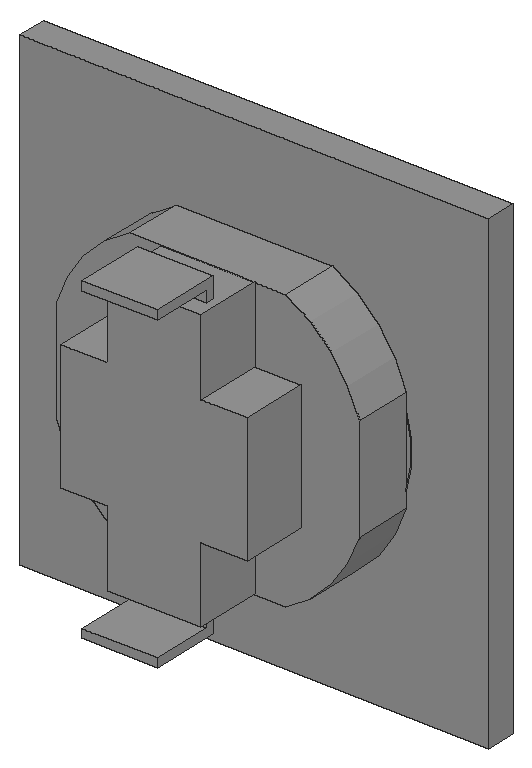
Revit family "IEK_РозеткаТелефонная_Встраиваемая_Двухместная IP20_КВАРТА", category Устройства связи, Revit 2019
Family settings
  Сохранять ориентацию аннотаций = Да
  Размер круглого соединителя = Использовать диаметр
  Тип детали = Нормальный
  На основе рабочей плоскости = Нет
  Всегда вертикально = Да
  При загрузке вырезать с полостями = Нет
  Общий = Нет
  Точка расчета площади = Нет
Parameters (values of type "РТ12-ККм")
  Ширина = 81.5 mm  # constant formula
  Тип монтажа = "Встраиваемый"  # constant formula
  Степень защиты = "IP20"  # constant formula
  Изготовитель = "IEK"  # constant formula
  Дата изменения = ""
  Глубина = 42.5 mm  # constant formula
  Высота = 80.5 mm  # constant formula
  ΔХ [instance] = 2000 mm
  ΔY [instance] = 2000 mm
  KSI_CPr_Строительные изделия = ""
  KSI_CMa_Строительные материалы = "01.7.14.03"  # constant formula
  IEK_Цена за единицу = 194.36
  IEK_Поиск в таблице имен = ""
  IEK_Описание = "Классический дизайн, проверенный временем и востребованный различными категориями потребителей, позволяет устанавливать изделия серии \"КВАРТА\" в квартирах, загородных домах, офисных и производственных помещениях."
  IEK_URL = "https://www.iek.ru/products/catalog/izdeliya_elektroustanovochnye_udliniteli_i_silovye_razemy/elektroustanovochnye_izdeliya/elektroustanovochnye_izdeliya_skrytogo_montazha/elektroustanovochnye_izdeliya_kvarta/elektroustanovochnye_izdeliya_kvarta_tsvet_kremovyy/rozetka_2_mestnaya_telefonnaya_rt12_kkm_kvarta_kremovyy_iek"
  ADSK_Примечание = ""
  ADSK_Позиция [instance] = ""
  ADSK_Наименование = "Розетка 2-местная телефонная РТ12-ККм КВАРТА кремовый IEK"
  ADSK_Материал обозначение = ""
  ADSK_Материал наименование = "Пластик"  # constant formula
  ADSK_Материал = Цвет кремовый
  ADSK_Масса = 0.086
  ADSK_Марка = "КВАРТА"  # constant formula
  ADSK_Код изделия = "ETK20-K33-DM"
  ADSK_Завод-изготовитель = "IEK"  # constant formula
  ADSK_Единица измерения = "шт"  # constant formula
  ADSK_Группирование = "III ЭЛЕКТРОУСТАНОВОЧНЫЕ И ЭЛЕКТРОМОНТАЖНЫЕ ИЗДЕЛИЯ"  # constant formula
  ADSK_Версия семейства = "1.0"  # constant formula
  ADSK_Версия Revit = "2019"  # constant formula
  ADSK_URL страницы изделия = "https://www.iek.ru/products/catalog/izdeliya_elektroustanovochnye_udliniteli_i_silovye_razemy/elektroustanovochnye_izdeliya/elektroustanovochnye_izdeliya_skrytogo_montazha/elektroustanovochnye_izdeliya_kvarta/?pagec=100"
Types (3, lengths in mm): name | IEK_Цена за единицу | IEK_URL | ADSK_Наименование | ADSK_Материал | ADSK_Масса | ADSK_Код изделия
  (no name) | 194.36 | "https://www.iek.ru/products/catalog/izdeliya_elektroustanovochnye_udliniteli_i_silovye_razemy/elektroustanovochnye_izdeliya/elektroustanovochnye_izdeliya_skrytogo_montazha/elektroustanovochnye_izdeliya_kvarta/elektroustanovochnye_izdeliya_kvarta_tsvet_kremovyy/rozetka_2_mestnaya_telefonnaya_rt12_kkm_kvarta_kremovyy_iek" | "Розетка 2-местная телефонная РТ12-ККм КВАРТА кремовый IEK" | Цвет кремовый | 0.086 | "ETK20-K33-DM"
  РТ12-КБ | 204.1 | "https://www.iek.ru/products/catalog/izdeliya_elektroustanovochnye_udliniteli_i_silovye_razemy/elektroustanovochnye_izdeliya/elektroustanovochnye_izdeliya_skrytogo_montazha/elektroustanovochnye_izdeliya_kvarta/elektroustanovochnye_izdeliya_kvarta_tsvet_belyy/rozetka_2_mestnaya_telefonnaya_rt12_kb_kvarta_belyy_iek" | "Розетка 2-местная телефонная РТ12-КБ КВАРТА белый IEK" | Цвет белый | 0.087 | "ETK20-K01-DM"
  РТ12-ККм | 194.36 | "https://www.iek.ru/products/catalog/izdeliya_elektroustanovochnye_udliniteli_i_silovye_razemy/elektroustanovochnye_izdeliya/elektroustanovochnye_izdeliya_skrytogo_montazha/elektroustanovochnye_izdeliya_kvarta/elektroustanovochnye_izdeliya_kvarta_tsvet_kremovyy/rozetka_2_mestnaya_telefonnaya_rt12_kkm_kvarta_kremovyy_iek" | "Розетка 2-местная телефонная РТ12-ККм КВАРТА кремовый IEK" | Цвет кремовый | 0.086 | "ETK20-K33-DM"
Reference planes
  plane 1 "По центру (Вперед/Назад)": y = 0
  plane 2: z = 0
  plane 3 "По центру (Влево/Вправо)": x = 0
  plane 4 "Высота ножек": z = 280
  plane 5 "Высота": z = 2081.496
  plane 6: x = -2000
  plane 7: y = 2000
Forms (mm)
  Extrusion 1, solid, detail levels coarse
    sketch origin (0, 0, 0) x (1, 0, 0) y (0, 1, 0)
      loop
        line (-40.75, 15) -> (-40.75, -29) -> (40.75, -29) -> (40.75, 15) -> (-40.75, 15)
    from 0 to 80.5
  Extrusion 2, solid, detail levels medium
    sketch origin (0, 5, 0) x (1, 0, 0) y (0, 1, 0)
      loop
        line (-40.75, 10) -> (-40.75, -34) -> (40.75, -34) -> (40.75, 10) -> (-40.75, 10)
    from 0 to 80.5
  Extrusion 3, solid, material "Цвет кремовый" <- "ADSK_Материал", detail levels fine
    sketch origin (0, 0, 40.75) x (0, 0, -1) y (-1, 0, 0)
      loop
        line (-24, 13.426) -> (-24, -13.426)
        arc (-24, -13.426) -> (-17.768, -21.254) -> (-8.958, -26) r 24.916
        line (-8.958, -26) -> (8.958, -26)
        arc (8.958, -26) -> (17.768, -21.254) -> (24, -13.426) r 24.916
        line (24, -13.426) -> (24, 13.426)
        arc (24, 13.426) -> (17.768, 21.254) -> (8.958, 26) r 24.916
        line (8.958, 26) -> (-8.958, 26)
        arc (-8.958, 26) -> (-17.768, 21.254) -> (-24, 13.426) r 24.916
    from 0 to -10
  Extrusion 4, solid, material "Цвет кремовый" <- "ADSK_Материал", detail levels fine
    sketch origin (0, 0, 40.75) x (0, 0, -1) y (-1, 0, 0)
      loop
        line (-40.75, 40.25) -> (-40.75, -40.25) -> (40.75, -40.25) -> (40.75, 40.25) -> (-40.75, 40.25)
    from 0 to 14.038
  Extrusion 5, void
    sketch origin (0, 0, 40.75) x (0, 0, -1) y (-1, 0, 0)
      loop
        line (18, -7) -> (18, 7)
        arc (18, 7) -> (0, 25) -> (-18, 7) r 18
        line (-18, 7) -> (-18, -7)
        arc (-18, -7) -> (0, -25) -> (18, -7) r 18
    from 8 to 18.875
  Extrusion 6, void
    sketch origin (-0.786, 0, 41.25) x (0, 0, 1) y (0, 1, 0)
      loop
        line (40.25, 5) -> (40.25, 18.875) -> (11.84, 18.875) -> (11.84, 14.038) -> (14.912, 14.038)
        spline (14.912, 14.038) -> (16.643, 13.743) -> (18.551, 13.423) -> (20.603, 13.06) -> (22.767, 12.637) -> (25.011, 12.136) -> (27.303, 11.54) -> (29.61, 10.832) -> (31.901, 9.995) -> (34.142, 9.01) -> (36.302, 7.861) -> (38.349, 6.53) -> (40.25, 5)
    from -55.184 to 53.611
  Extrusion 7, void
    sketch origin (14, 0, 40.75) x (0, 0, -1) y (-1, 0, 0)
      loop
        line (-6, 5.5) -> (-6, -1.5) -> (-3.5, -1.5) -> (-3.5, -3.5) -> (-2, -3.5) -> (-2, -5.5) -> (2, -5.5) -> (2, -3.5) -> (3.5, -3.5) -> (3.5, -1.5) -> (6, -1.5) -> (6, 5.5) -> (-6, 5.5)
    from 8 to -1
  Extrusion 8, void
    sketch origin (-0.786, 0, 40.25) x (0, 0, -1) y (0, -1, 0)
      loop
        spline (40.25, -5) -> (38.349, -6.53) -> (36.302, -7.861) -> (34.142, -9.01) -> (31.901, -9.995) -> (29.61, -10.832) -> (27.303, -11.54) -> (25.011, -12.136) -> (22.767, -12.637) -> (20.603, -13.06) -> (18.551, -13.423) -> (16.643, -13.743) -> (14.912, -14.038)
        line (14.912, -14.038) -> (11.84, -14.038) -> (11.84, -18.875) -> (40.25, -18.875) -> (40.25, -5)
    from -55.184 to 53.611
  Extrusion 9, void
    sketch origin (0, 0, 39.964) x (0, -1, 0) y (-1, 0, 0)
      loop
        spline (-5, -40.25) -> (-6.53, -38.349) -> (-7.861, -36.302) -> (-9.01, -34.142) -> (-9.995, -31.901) -> (-10.832, -29.61) -> (-11.54, -27.303) -> (-12.136, -25.011) -> (-12.637, -22.767) -> (-13.06, -20.603) -> (-13.423, -18.551) -> (-13.743, -16.643) -> (-14.038, -14.912)
        line (-14.038, -14.912) -> (-14.038, -11.84) -> (-18.875, -11.84) -> (-18.875, -40.25) -> (-5, -40.25)
    from -55.184 to 53.611
  Extrusion 10, void
    sketch origin (0, 0, 39.964) x (0, 1, 0) y (1, 0, 0)
      loop
        line (5, -40.25) -> (18.875, -40.25) -> (18.875, -11.84) -> (14.038, -11.84) -> (14.038, -14.912)
        spline (14.038, -14.912) -> (13.743, -16.643) -> (13.423, -18.551) -> (13.06, -20.603) -> (12.637, -22.767) -> (12.136, -25.011) -> (11.54, -27.303) -> (10.832, -29.61) -> (9.995, -31.901) -> (9.01, -34.142) -> (7.861, -36.302) -> (6.53, -38.349) -> (5, -40.25)
    from -55.184 to 53.611
  Extrusion 11, void
    sketch origin (-14, 0, 40.75) x (0, 0, -1) y (-1, 0, 0)
      loop
        line (-6, -5.5) -> (6, -5.5) -> (6, 1.5) -> (3.5, 1.5) -> (3.5, 3.5) -> (2, 3.5) -> (2, 5.5) -> (-2, 5.5) -> (-2, 3.5) -> (-3.5, 3.5) -> (-3.5, 1.5) -> (-6, 1.5) -> (-6, -5.5)
    from 8 to -1
  Sweep 12, solid, material "Цвет кремовый" <- "ADSK_Материал", detail levels fine
    path origin (0, 0, 40.75) x (0, 0, -1) y (-1, 0, 0)
      loop
        arc (-18, -7) -> (0, -25) -> (18, -7) r 18
        line (18, -7) -> (18, 7)
        arc (18, 7) -> (0, 25) -> (-18, 7) r 18
        line (-18, 7) -> (-18, -7)
    profile origin (25, 0, 40.75) x (0, 1, 0) y (-1, 0, 0)
      loop
        line (0, 0) -> (0, -1.947) -> (14.038, -1.947)
        arc (14.038, -1.947) -> (15.011, -0.973) -> (14.038, 0) r 0.973
        line (14.038, 0) -> (0, 0)
  Extrusion 13, solid, material "Цвет кремовый" <- "ADSK_Материал", detail levels fine
    sketch origin (0, 0, 40.75) x (0, 0, -1) y (0, 1, 0)
      loop
        line (-26, -29) -> (-26, -18.5) -> (-24, -18.5) -> (-24, -17) -> (-27.5, -17) -> (-27.5, -29) -> (-26, -29)
      loop
        line (26, -18.5) -> (26, -29) -> (27.5, -29) -> (27.5, -17) -> (24, -17) -> (24, -18.5) -> (26, -18.5)
    from -6.5 to 6.5
  Extrusion 14, solid, material "Цвет кремовый" <- "ADSK_Материал", detail levels fine
    sketch origin (0, 0, 40.75) x (0, 0, -1) y (-1, 0, 0)
      loop
        line (-11, 16) -> (-11, 8) -> (-24, 8) -> (-24, -8) -> (-11, -8) -> (-11, -16) -> (11, -16) -> (11, -8) -> (24, -8) -> (24, 8) -> (11, 8) -> (11, 16) -> (-11, 16)
    from -21.5 to -10
Cuts and joins
  Extrusion 5, Extrusion 6, Extrusion 7, Extrusion 8, Extrusion 9, Extrusion 10, Extrusion 11 cuts Extrusion 4
Lines and regions (mm)
  reference lines
    curve 1: line (0, 44.647, 0) -> (0, -31.353, 0)
    curve 2: line (-23.829, 0, 0) -> (76.171, 0, 0)
Dimensions and locks
  locked: plane 4 "Высота ножек" to plane 2 at 280
  plane 5 "Высота" to plane 4 "Высота ножек" = 1801.496 mm
  "ΔХ": plane 6 to curve 1
  "ΔY": plane 7 to curve 2
  aligned and locked: level to plane 2
  aligned and locked: nested 1 to curve 1
  aligned and locked: curve 2 to nested 1
Automatic sketch dimensions
  plane 1 "По центру (Вперед/Назад)" to Extrusion 1 sketch curve = 29 mm
  Extrusion 1 sketch curve to plane 3 "По центру (Влево/Вправо)" = 40.75 mm
  plane 3 "По центру (Влево/Вправо)" to Extrusion 1 sketch curve = 40.75 mm
  Extrusion 1 sketch curve to plane 1 "По центру (Вперед/Назад)" = 15 mm
  plane 1 "По центру (Вперед/Назад)" to Extrusion 2 sketch curve = 29 mm
  Extrusion 2 sketch curve to plane 3 "По центру (Влево/Вправо)" = 40.75 mm
  plane 3 "По центру (Влево/Вправо)" to Extrusion 2 sketch curve = 40.75 mm
  Extrusion 2 sketch curve to plane 1 "По центру (Вперед/Назад)" = 15 mm
  plane 3 "По центру (Влево/Вправо)" to Extrusion 3 sketch curve = 13.426 mm  (x2)
  level to Extrusion 3 sketch curve = 64.75 mm
  Extrusion 3 sketch curve to Extrusion 3 sketch curve = 15.042 mm  (x2)
  Extrusion 3 sketch curve to plane 3 "По центру (Влево/Вправо)" = 2.138 mm  (x2)
  Extrusion 3 sketch curve to Extrusion 3 sketch curve = 22.213 mm
  plane 3 "По центру (Влево/Вправо)" to Extrusion 3 sketch curve = 2.138 mm
  Extrusion 3 sketch curve to Extrusion 3 sketch curve = 0 mm
  Extrusion 3 sketch curve to Extrusion 3 sketch curve = 3.575 mm  (x2)
  Extrusion 3 sketch curve to Extrusion 3 sketch curve = 17.916 mm  (x2)
  Extrusion 3 sketch curve to plane 3 "По центру (Влево/Вправо)" = 13.426 mm
  level to Extrusion 3 sketch curve = 16.75 mm
  Extrusion 4 sketch curve to level = 0 mm
  Extrusion 4 sketch curve to plane 3 "По центру (Влево/Вправо)" = 40.25 mm
  Extrusion 4 sketch curve to Extrusion 4 sketch curve = 81.5 mm
  plane 3 "По центру (Влево/Вправо)" to Extrusion 4 sketch curve = 40.25 mm
  Extrusion 5 sketch curve to plane 3 "По центру (Влево/Вправо)" = 7 mm
  level to Extrusion 5 sketch curve = 58.75 mm
  Extrusion 5 sketch curve to Extrusion 5 sketch curve = 18 mm
  plane 3 "По центру (Влево/Вправо)" to Extrusion 5 sketch curve = 7 mm
  Extrusion 6 sketch curve to plane 1 "По центру (Вперед/Назад)" = 18.875 mm
  level to Extrusion 6 sketch curve = 53.09 mm
  Extrusion 6 sketch curve to plane 1 "По центру (Вперед/Назад)" = 14.038 mm
  Extrusion 6 sketch curve to Extrusion 6 sketch curve = 3.071 mm
  Extrusion 6 sketch curve to plane 1 "По центру (Вперед/Назад)" = 5 mm
  Extrusion 6 sketch curve to Extrusion 6 sketch curve = 25.338 mm
  plane 3 "По центру (Влево/Вправо)" to Extrusion 7 sketch curve = 8.5 mm
  level to Extrusion 7 sketch curve = 46.75 mm
  Extrusion 7 sketch curve to Extrusion 7 sketch curve = 2.5 mm  (x2)
  Extrusion 7 sketch curve to Extrusion 7 sketch curve = 1.5 mm  (x2)
  Extrusion 7 sketch curve to Extrusion 7 sketch curve = 4 mm
  Extrusion 7 sketch curve to Extrusion 7 sketch curve = 7 mm  (x2)
  Extrusion 7 sketch curve to Extrusion 7 sketch curve = 2 mm  (x3)
  Extrusion 8 sketch curve to level = 0 mm
  level to Extrusion 8 sketch curve = 25.338 mm
  Extrusion 8 sketch curve to Extrusion 8 sketch curve = 3.071 mm
  Extrusion 8 sketch curve to plane 1 "По центру (Вперед/Назад)" = 18.875 mm
  Extrusion 8 sketch curve to Extrusion 8 sketch curve = 4.837 mm
  Extrusion 8 sketch curve to Extrusion 8 sketch curve = 13.875 mm
  Extrusion 9 sketch curve to plane 1 "По центру (Вперед/Назад)" = 18.875 mm
  Extrusion 9 sketch curve to Extrusion 9 sketch curve = 4.837 mm
  Extrusion 9 sketch curve to Extrusion 9 sketch curve = 13.875 mm
  plane 3 "По центру (Влево/Вправо)" to Extrusion 9 sketch curve = 11.84 mm
  Extrusion 9 sketch curve to Extrusion 9 sketch curve = 3.071 mm
  Extrusion 9 sketch curve to Extrusion 9 sketch curve = 25.338 mm
  Extrusion 10 sketch curve to plane 1 "По центру (Вперед/Назад)" = 5 mm
  Extrusion 10 sketch curve to plane 1 "По центру (Вперед/Назад)" = 14.038 mm
  Extrusion 10 sketch curve to Extrusion 10 sketch curve = 4.837 mm
  Extrusion 10 sketch curve to plane 3 "По центру (Влево/Вправо)" = 11.84 mm
  Extrusion 10 sketch curve to Extrusion 10 sketch curve = 3.071 mm
  Extrusion 10 sketch curve to Extrusion 10 sketch curve = 25.338 mm
  Extrusion 11 sketch curve to plane 3 "По центру (Влево/Вправо)" = 8.5 mm
  level to Extrusion 11 sketch curve = 46.75 mm
  Extrusion 11 sketch curve to Extrusion 11 sketch curve = 2.5 mm  (x2)
  Extrusion 11 sketch curve to Extrusion 11 sketch curve = 1.5 mm  (x2)
  Extrusion 11 sketch curve to Extrusion 11 sketch curve = 4 mm
  Extrusion 11 sketch curve to Extrusion 11 sketch curve = 7 mm  (x2)
  Extrusion 11 sketch curve to Extrusion 11 sketch curve = 2 mm  (x3)
  Sweep 12 sketch curve to plane 3 "По центру (Влево/Вправо)" = 7 mm
  level to Sweep 12 sketch curve = 58.75 mm
  Sweep 12 sketch curve to Sweep 12 sketch curve = 18 mm
  plane 3 "По центру (Влево/Вправо)" to Sweep 12 sketch curve = 7 mm
  Sweep 12 sketch curve to profile plane = 0 mm  (x2)
  profile plane to Sweep 12 sketch curve = 0.973 mm
  profile plane to Sweep 12 sketch curve = 14.038 mm
  level to Extrusion 13 sketch curve = 68.25 mm
  Extrusion 13 sketch curve to Extrusion 13 sketch curve = 1.5 mm  (x4)
  Extrusion 13 sketch curve to Extrusion 13 sketch curve = 2 mm  (x2)
  level to Extrusion 13 sketch curve = 16.75 mm
  plane 1 "По центру (Вперед/Назад)" to Extrusion 13 sketch curve = 29 mm
  Extrusion 13 sketch curve to Extrusion 13 sketch curve = 0 mm
  Extrusion 13 sketch curve to Extrusion 13 sketch curve = 10.5 mm  (x2)
  plane 3 "По центру (Влево/Вправо)" to Extrusion 14 sketch curve = 8 mm  (x2)
  level to Extrusion 14 sketch curve = 64.75 mm
  Extrusion 14 sketch curve to Extrusion 14 sketch curve = 13 mm  (x3)
  Extrusion 14 sketch curve to Extrusion 14 sketch curve = 22 mm
  Extrusion 14 sketch curve to plane 3 "По центру (Влево/Вправо)" = 8 mm  (x2)
  Extrusion 14 sketch curve to Extrusion 14 sketch curve = 0 mm
  Extrusion 14 sketch curve to Extrusion 14 sketch curve = 8 mm  (x2)
  curve 2 to plane 3 "По центру (Влево/Вправо)" = 23.829 mm
  plane 3 "По центру (Влево/Вправо)" to curve 2 = 76.171 mm
  plane 1 "По центру (Вперед/Назад)" to curve 1 = 31.353 mm
  curve 1 to plane 1 "По центру (Вперед/Назад)" = 44.647 mm
Nested families
  nested 1: "УГО Розетки связистской" at (0, 0, 0), type "Розетка двухместная телефонная", detail levels coarse+medium
Connectors
  electrical at (0, -29, 40.25)
    settings: on Extrusion 1, index 1, voltage 0 V, apparent load 0 VA, apparent load phase1 0 VA, apparent load phase2 0 VA, apparent load phase3 0 VA, power factor 1, load classification "Прочее", number of poles 1, system type 9, power factor state 1, is connector primary yes, connector utility no, sub classification motor no, connector description ""
Definition of nested family "УГО Розетки связистской"
  Parameters (values of type "Розетка двухместная телефонная")
    Розетка телефонная = no
    Розетка сетевая (Интернет) = no
    Розетка сетевая и телефонная = no
    Розетка телевизионная = no
    Розетка двухместная телефонная = yes
  Types (5, lengths in mm): name | Розетка телефонная | Розетка сетевая (Интернет) | Розетка сетевая и телефонная | Розетка телевизионная | Розетка двухместная телефонная
    Розетка телевизионная | no | no | no | yes | no
    Розетка сетевая (Интернет) | no | yes | no | no | no
    Розетка сетевая и телефонная | no | no | yes | no | no
    Розетка телефонная | yes | no | no | no | no
    Розетка двухместная телефонная | no | no | no | no | yes
  Reference planes
    plane 1: y = 0
    plane 2: x = 0
  Lines and regions (mm)
    Filled region 1, type "Цветовая область 1", visible <- "Розетка телефонная"
      outline origin (0, 0, 0) x (1, 0, 0) y (0, 1, 0)
        loop
          line (-0.512, 1.977) -> (-0.512, 3.023) -> (-1.53, 3.023) -> (-1.53, 1.977) -> (-0.512, 1.977)
        loop
          line (0.512, 1.977) -> (1.53, 1.977) -> (1.53, 3.023) -> (0.512, 3.023) -> (0.512, 1.977)
    Filled region 2, type "Цветовая область 1", visible <- "Розетка телефонная", not visible
      outline origin (0, 0, 0) x (1, 0, 0) y (0, 1, 0)
        loop
          line (8.078, 7.617) -> (8.078, 8.664) -> (7.06, 8.664) -> (7.06, 7.617) -> (8.078, 7.617)
        loop
          line (9.101, 7.617) -> (10.119, 7.617) -> (10.119, 8.664) -> (9.101, 8.664) -> (9.101, 7.617)
    Filled region 3, type "Цветовая область 1", visible <- "Розетка сетевая и телефонная"
      outline origin (0, 0, 0) x (1, 0, 0) y (0, 1, 0)
        loop
          line (0.994, 4) -> (0.994, 3) -> (1.994, 3) -> (1.994, 4) -> (0.994, 4)
        loop
          line (3.019, 3) -> (4.019, 3) -> (4.019, 4) -> (3.019, 4) -> (3.019, 3)
    Filled region 4, type "Цветовая область 1", visible <- "Розетка сетевая и телефонная", not visible
      outline origin (0, 0, 0) x (1, 0, 0) y (0, 1, 0)
        loop
          line (28.769, 14.987) -> (28.769, 13.987) -> (29.769, 13.987) -> (29.769, 14.987) -> (28.769, 14.987)
        loop
          line (30.794, 13.987) -> (31.794, 13.987) -> (31.794, 14.987) -> (30.794, 14.987) -> (30.794, 13.987)
    Filled region 5, type "Цветовая область 1", visible <- "Розетка двухместная телефонная"
      outline origin (0, 0, 0) x (1, 0, 0) y (0, 1, 0)
        loop
          line (-0.512, 1.977) -> (-0.512, 3.023) -> (-1.53, 3.023) -> (-1.53, 1.977) -> (-0.512, 1.977)
        loop
          line (0.512, 1.977) -> (1.53, 1.977) -> (1.53, 3.023) -> (0.512, 3.023) -> (0.512, 1.977)
    Filled region 6, type "Цветовая область 1", visible <- "Розетка двухместная телефонная", not visible
      outline origin (0, 0, 0) x (1, 0, 0) y (0, 1, 0)
        loop
          line (39.096, 13.207) -> (39.096, 14.254) -> (38.078, 14.254) -> (38.078, 13.207) -> (39.096, 13.207)
        loop
          line (40.119, 13.207) -> (41.137, 13.207) -> (41.137, 14.254) -> (40.119, 14.254) -> (40.119, 13.207)
    detail lines
      curve 1: line (0.006, 0, 0) -> (0.006, 2.454, 0)
      curve 2: line (0.006, 0, 0) -> (2.217, 0, 0)
    detail lines, visible <- "Розетка сетевая (Интернет)", not visible
      curve 3: line (2.5, 1.221, 0) -> (-2.5, 1.221, 0)
      curve 4: line (2.5, 6.221, 0) -> (-2.5, 6.221, 0)
      curve 5: line (0, 6.221, 0) -> (-2.5, 1.221, 0)
      curve 6: line (0, 6.221, 0) -> (2.5, 1.221, 0)
    detail lines, visible <- "Розетка телевизионная", not visible
      curve 7: line (19.458, 13.285, 0) -> (24.458, 13.285, 0)
      curve 8: line (19.458, 8.285, 0) -> (24.458, 8.285, 0)
      curve 9: line (21.958, 13.285, 0) -> (19.458, 8.285, 0)
      curve 10: line (21.958, 13.285, 0) -> (24.458, 8.285, 0)
    detail lines, visible <- "Розетка сетевая (Интернет)"
      curve 11: line (2.506, 0, 0) -> (-2.494, 0, 0)
      curve 12: line (2.506, 5, 0) -> (-2.494, 5, 0)
      curve 13: line (0.006, 5, 0) -> (-2.494, 0, 0)
      curve 14: line (0.006, 5, 0) -> (2.506, 0, 0)
    detail lines, visible <- "Розетка телевизионная"
      curve 15: line (-2.494, 5, 0) -> (2.506, 5, 0)
      curve 16: line (-2.494, 0, 0) -> (2.506, 0, 0)
      curve 17: line (0.006, 5, 0) -> (-2.494, 0, 0)
      curve 18: line (0.006, 5, 0) -> (2.506, 0, 0)
    detail lines, visible <- "Розетка телефонная"
      curve 19: circle (0.006, 2.5, 0) r 2.5 normal (0, 0, 1)
      curve 21: line (-1.53, 3.023, 0) -> (-1.53, 1.977, 0)
      curve 22: line (-1.53, 1.977, 0) -> (-0.512, 1.977, 0)
      curve 23: line (-0.512, 1.977, 0) -> (-0.512, 3.023, 0)
      curve 24: line (-0.512, 3.023, 0) -> (-1.53, 3.023, 0)
      curve 25: line (1.53, 3.023, 0) -> (1.53, 1.977, 0)
      curve 26: line (1.53, 1.977, 0) -> (0.512, 1.977, 0)
      curve 27: line (0.512, 1.977, 0) -> (0.512, 3.023, 0)
      curve 28: line (0.512, 3.023, 0) -> (1.53, 3.023, 0)
    detail lines, visible <- "Розетка телефонная", not visible
      curve 20: circle (8.596, 8.14, 0) r 2.5 normal (0, 0, 1)
      curve 29: line (7.06, 8.664, 0) -> (7.06, 7.617, 0)
      curve 30: line (7.06, 7.617, 0) -> (8.078, 7.617, 0)
      curve 31: line (8.078, 7.617, 0) -> (8.078, 8.664, 0)
      curve 32: line (8.078, 8.664, 0) -> (7.06, 8.664, 0)
      curve 33: line (10.119, 8.664, 0) -> (10.119, 7.617, 0)
      curve 34: line (10.119, 7.617, 0) -> (9.101, 7.617, 0)
      curve 35: line (9.101, 7.617, 0) -> (9.101, 8.664, 0)
      curve 36: line (9.101, 8.664, 0) -> (10.119, 8.664, 0)
    detail lines, visible <- "Розетка сетевая и телефонная"
      curve 37: line (-5.994, 7, 0) -> (6.006, 7, 0)
      curve 38: line (-5.994, 0, 0) -> (-5.994, 7, 0)
      curve 39: line (6.006, 0, 0) -> (-5.994, 0, 0)
      curve 40: line (6.006, 7, 0) -> (6.006, 0, 0)
      curve 41: line (-4.994, 1, 0) -> (0.006, 1, 0)
      curve 42: line (-2.474, 6, 0) -> (-4.994, 1, 0)
      curve 43: line (-2.474, 6, 0) -> (0.006, 1, 0)
      curve 44: circle (2.506, 3.5, 0) r 2.5 normal (0, 0, 1)
      curve 45: line (-4.994, 6, 0) -> (0.006, 6, 0)
      curve 46: line (0.994, 4, 0) -> (0.994, 3, 0)
      curve 47: line (0.994, 3, 0) -> (1.994, 3, 0)
      curve 48: line (1.994, 3, 0) -> (1.994, 4, 0)
      curve 49: line (1.994, 4, 0) -> (0.994, 4, 0)
      curve 50: line (4.019, 4, 0) -> (4.019, 3, 0)
      curve 51: line (4.019, 3, 0) -> (3.019, 3, 0)
      curve 52: line (3.019, 3, 0) -> (3.019, 4, 0)
      curve 53: line (3.019, 4, 0) -> (4.019, 4, 0)
    detail lines, visible <- "Розетка сетевая и телефонная", not visible
      curve 54: line (21.782, 17.987, 0) -> (33.782, 17.987, 0)
      curve 55: line (21.782, 10.987, 0) -> (21.782, 17.987, 0)
      curve 56: line (33.782, 10.987, 0) -> (21.782, 10.987, 0)
      curve 57: line (33.782, 17.987, 0) -> (33.782, 10.987, 0)
      curve 58: line (22.782, 11.987, 0) -> (27.782, 11.987, 0)
      curve 59: line (25.301, 16.987, 0) -> (22.782, 11.987, 0)
      curve 60: line (25.301, 16.987, 0) -> (27.782, 11.987, 0)
      curve 61: circle (30.282, 14.487, 0) r 2.5 normal (0, 0, 1)
      curve 62: line (22.782, 16.987, 0) -> (27.782, 16.987, 0)
      curve 63: line (28.769, 14.987, 0) -> (28.769, 13.987, 0)
      curve 64: line (28.769, 13.987, 0) -> (29.769, 13.987, 0)
      curve 65: line (29.769, 13.987, 0) -> (29.769, 14.987, 0)
      curve 66: line (29.769, 14.987, 0) -> (28.769, 14.987, 0)
      curve 67: line (31.794, 14.987, 0) -> (31.794, 13.987, 0)
      curve 68: line (31.794, 13.987, 0) -> (30.794, 13.987, 0)
      curve 69: line (30.794, 13.987, 0) -> (30.794, 14.987, 0)
      curve 70: line (30.794, 14.987, 0) -> (31.794, 14.987, 0)
    detail lines, visible <- "Розетка двухместная телефонная"
      curve 71: circle (0.006, 2.5, 0) r 2.5 normal (0, 0, 1)
      curve 72: line (-1.53, 3.023, 0) -> (-1.53, 1.977, 0)
      curve 73: line (-1.53, 1.977, 0) -> (-0.512, 1.977, 0)
      curve 74: line (-0.512, 1.977, 0) -> (-0.512, 3.023, 0)
      curve 75: line (-0.512, 3.023, 0) -> (-1.53, 3.023, 0)
      curve 76: line (1.53, 3.023, 0) -> (1.53, 1.977, 0)
      curve 77: line (1.53, 1.977, 0) -> (0.512, 1.977, 0)
      curve 78: line (0.512, 1.977, 0) -> (0.512, 3.023, 0)
      curve 79: line (0.512, 3.023, 0) -> (1.53, 3.023, 0)
    detail lines, visible <- "Розетка двухместная телефонная", not visible
      curve 80: circle (39.614, 13.731, 0) r 2.5 normal (0, 0, 1)
      curve 81: line (38.078, 14.254, 0) -> (38.078, 13.207, 0)
      curve 82: line (38.078, 13.207, 0) -> (39.096, 13.207, 0)
      curve 83: line (39.096, 13.207, 0) -> (39.096, 14.254, 0)
      curve 84: line (39.096, 14.254, 0) -> (38.078, 14.254, 0)
      curve 85: line (41.137, 14.254, 0) -> (41.137, 13.207, 0)
      curve 86: line (41.137, 13.207, 0) -> (40.119, 13.207, 0)
      curve 87: line (40.119, 13.207, 0) -> (40.119, 14.254, 0)
      curve 88: line (40.119, 14.254, 0) -> (41.137, 14.254, 0)
  Text (mm)
    text "TV" at (20.688, 11.147, 0), visible <- "Розетка телевизионная", not visible
    text "TV" at (-1.264, 2.862, 0), visible <- "Розетка телевизионная"
    text "2" at (1.883, 7.136, 0), visible <- "Розетка двухместная телефонная"
    text "2" at (41.49, 18.367, 0), visible <- "Розетка двухместная телефонная", not visible
